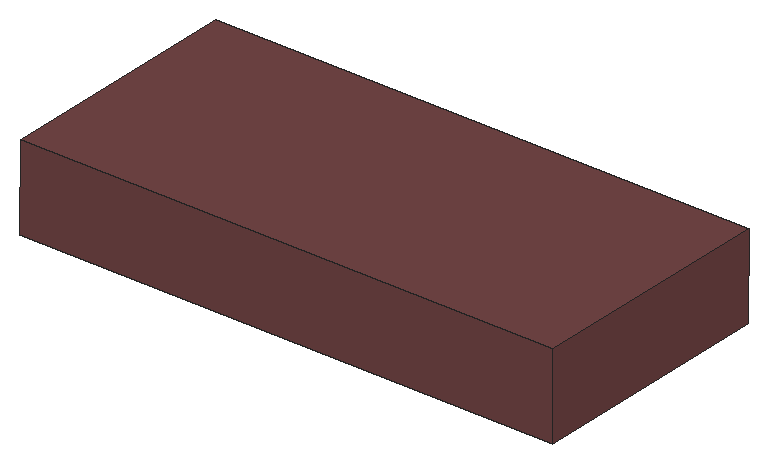
Revit family "Ceiling Batt (R6.0)", category Generic Models, host Face, Revit 2020
Family settings
  Host = Face
  Can host rebar = No
  Round Connector Dimension = Use Diameter
  Part Type = Normal
  Cut with Voids When Loaded = No
  Shared = No
  Room Calculation Point = No
Parameters (values of type "R6.0 - Ceiling Batts")
  Width [instance] = 800 mm
  URL = "www.ecowool.com.au"
  Type of Insulation = "Glass Mineral Wool Blanket with vapour barrier"
  Thermal R value = 6
  Thermal K value = 0.0396
  Remarks = ""
  Material Specification = ""
  Manufacturer = "PGF Insulation Sdn. Bhd."
  Insulation Thickness = 278 mm
  Length(mm) [instance] = 1740 mm
  Finish = Ceiling Batt
  ECOWOOL Product thickness in mm = ""
  Description = "Ecowool Wall Acoustic Batts is semi-rigid or rigid slabs of non-combustible, water repellent, glass mineral wool. They are designed to suit internal walls and ceiling of residential, commercial and industrial buildings. Excellent thermal, acoustic and fire safety performance"
  Density = 9.00 kg/m³
  Default Elevation = 1219.2 mm
Reference planes
  plane 1 "Center (Front/Back)": y = 0
  plane 2: z = 0
  plane 3 "Center (Left/Right)": x = 0
  plane 4: x = 1740
  plane 5: y = -400
  plane 6: y = 400
Forms (mm)
  Sweep 1, solid, material "Ceiling Batt" <- "Finish"
    path origin (0, 0, 0) x (1, 0, 0) y (0, 1, 0)
      loop
        line (0, 0) -> (1740, 0)
    profile origin (870, 0, 0) x (0, 1, 0) y (0, 0, 1)
      loop
        line (-400, 278) -> (-400, 0) -> (400, 0) -> (400, 278) -> (-400, 278)
Lines and regions (mm)
  reference lines
    curve 1: line (0, 0, 0) -> (1740, 0, 0)
Dimensions and locks
  "Width": plane 5 to plane 6
  equal spacing: plane 5, plane 1 "Center (Front/Back)", plane 6
  "Length(mm)": plane 3 "Center (Left/Right)" to plane 4
  "Insulation Thickness": host face to Sweep 1 sketch curve
  aligned and locked: plane 2 to host face
  aligned and locked: level to host face
  aligned and locked: plane 3 "Center (Left/Right)" to curve 1
  aligned and locked: plane 4 to curve 1
  aligned and locked: plane 3 "Center (Left/Right)" to Sweep 1 sketch curve
  aligned and locked: plane 4 to Sweep 1 sketch curve
  aligned and locked: level to Sweep 1 sketch curve
  aligned and locked: plane 6 to Sweep 1 sketch curve
  aligned and locked: Sweep 1 sketch curve to plane 5
Automatic sketch dimensions
  host sketch curve to host sketch curve = 1616.306 mm
  host sketch curve to host sketch curve = 2438.4 mm
  plane 1 "Center (Front/Back)" to curve 1 = 0 mm
  plane 1 "Center (Front/Back)" to Sweep 1 sketch curve = 0 mm
